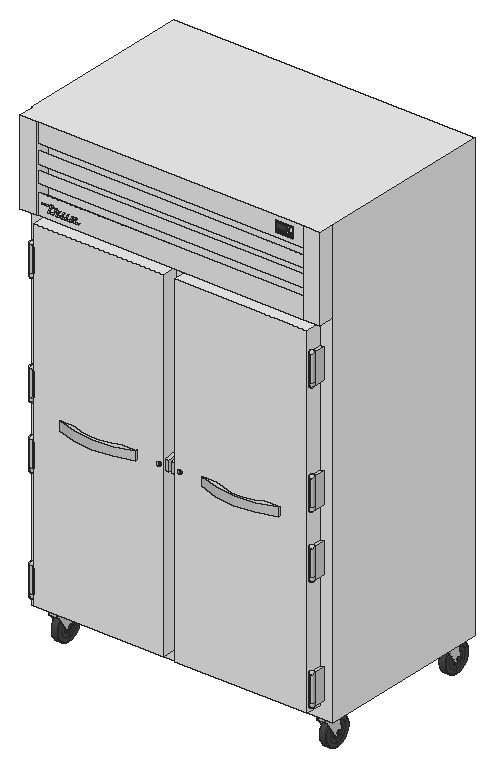
Revit family (continued)
Automatic sketch dimensions
  plane 9 to Extrusion 11 sketch curve = 4.18438"
  Extrusion 11 sketch curve to Extrusion 11 sketch curve = 2.4"  (x2)
  plane 8 to Extrusion 11 sketch curve = 12 31/64"
  Extrusion 11 sketch curve to Extrusion 11 sketch curve = 0"
  plane 5 "FRONT" to Extrusion 11 sketch curve = 0.2"
  Extrusion 11 sketch curve to plane 5 "FRONT" = 7.77899"
  Extrusion 11 sketch curve to Extrusion 11 sketch curve = 7.30945"
  plane 8 to Blend 12 sketch curve = 1 3/32"  (x2)
  plane 8 to Blend 12 sketch curve = 11/32"
  plane 7 to Blend 12 sketch curve = 31.11669"
  Blend 12 sketch curve to Blend 12 sketch curve = 1 3/4"
  plane 8 to Blend 12 sketch curve = 0.16152"
  plane 7 to Blend 12 sketch curve = 30.5191"
  Blend 12 sketch curve to Blend 12 sketch curve = 2.78233"
  Blend 13 sketch curve to plane 8 = 15/16"
  Blend 13 sketch curve to plane 8 = 3/16"
  plane 7 to Blend 13 sketch curve = 32.86669"
  Blend 13 sketch curve to Blend 13 sketch curve = 1 3/4"
  plane 8 to Blend 13 sketch curve = 15/16"
  plane 8 to Blend 13 sketch curve = 0.00527"
  Blend 13 sketch curve to plane 7 = 30.5191"
  Blend 13 sketch curve to Blend 13 sketch curve = 2.78233"
  Extrusion 14 sketch curve to plane 5 "FRONT" = 1/2"
  Extrusion 14 sketch curve to Extrusion 14 sketch curve = 0.43503"
  Extrusion 14 sketch curve to Extrusion 14 sketch curve = 0.20453"
  Extrusion 14 sketch curve to Extrusion 14 sketch curve = 1.61044"
  Extrusion 14 sketch curve to plane 6 "TOP" = 24.88873"
  Extrusion 14 sketch curve to Extrusion 14 sketch curve = 0.71221"
  Extrusion 14 sketch curve to Extrusion 14 sketch curve = 4.39928"
  Revolve 15 sketch curve to plane 5 "FRONT" = 0.07771"  (x2)
  Revolve 15 sketch curve to Revolve 15 sketch curve = 0.38242"
  Revolve 15 sketch curve to Revolve 15 sketch curve = 0.38436"
  Revolve 15 sketch curve to plane 5 "FRONT" = 31/64"
  Revolve 15 sketch curve to Revolve 15 sketch curve = 0.40666"
  Revolve 15 sketch curve to Revolve 15 sketch curve = 0"
  Revolve 15 sketch curve to plane 6 "TOP" = 25.07719"
  Revolve 15 sketch curve to Revolve 15 sketch curve = 0.32931"
  Revolve 15 sketch curve to Revolve 15 sketch curve = 0.51246"
  Revolve 15 sketch curve to Revolve 15 sketch curve = 0.05342"
  Revolve 15 sketch curve to Revolve 15 sketch curve = 4.42889"
  Revolve 15 sketch curve to Revolve 15 sketch curve = 0.04281"
  Revolve 15 sketch curve to Revolve 15 sketch curve = 0.18929"
  Revolve 15 sketch curve to Revolve 15 sketch curve = 0.55526"
  Extrusion 16 sketch curve to plane 9 = 0.96009"
  Extrusion 16 sketch curve to Extrusion 16 sketch curve = 0.39759"
  Extrusion 16 sketch curve to plane 6 "TOP" = 24.12421"
  Extrusion 16 sketch curve to Extrusion 16 sketch curve = 4.47281"
  Extrusion 17 sketch curve to plane 5 "FRONT" = 1/2"
  Extrusion 17 sketch curve to Extrusion 17 sketch curve = 0.43503"
  Extrusion 17 sketch curve to Extrusion 17 sketch curve = 0.20453"
  Extrusion 17 sketch curve to Extrusion 17 sketch curve = 1.61044"
  plane 7 to Extrusion 17 sketch curve = 33.61127"
  Extrusion 17 sketch curve to Extrusion 17 sketch curve = 0.71221"
  Extrusion 17 sketch curve to Extrusion 17 sketch curve = 4.39928"
  Revolve 18 sketch curve to plane 5 "FRONT" = 0.07771"  (x2)
  Revolve 18 sketch curve to Revolve 18 sketch curve = 0.38242"
  Revolve 18 sketch curve to Revolve 18 sketch curve = 0.38436"
  Revolve 18 sketch curve to plane 5 "FRONT" = 31/64"
  Revolve 18 sketch curve to Revolve 18 sketch curve = 0.40666"
  Revolve 18 sketch curve to Revolve 18 sketch curve = 0"
  plane 7 to Revolve 18 sketch curve = 33.42281"
  Revolve 18 sketch curve to Revolve 18 sketch curve = 0.32931"
  Revolve 18 sketch curve to Revolve 18 sketch curve = 0.51246"
  Revolve 18 sketch curve to Revolve 18 sketch curve = 0.05342"
  Revolve 18 sketch curve to Revolve 18 sketch curve = 4.42889"
  Revolve 18 sketch curve to Revolve 18 sketch curve = 0.04281"
  Revolve 18 sketch curve to Revolve 18 sketch curve = 0.18929"
  Revolve 18 sketch curve to Revolve 18 sketch curve = 0.55526"
  Extrusion 19 sketch curve to plane 9 = 0.96009"
  Extrusion 19 sketch curve to Extrusion 19 sketch curve = 0.39759"
  plane 7 to Extrusion 19 sketch curve = 34.37579"
  Extrusion 19 sketch curve to Extrusion 19 sketch curve = 4.47281"
  Extrusion 20 sketch curve to plane 5 "FRONT" = 1/2"
  Extrusion 20 sketch curve to Extrusion 20 sketch curve = 0.43503"
  Extrusion 20 sketch curve to Extrusion 20 sketch curve = 0.20453"
  Extrusion 20 sketch curve to Extrusion 20 sketch curve = 1.61044"
  plane 7 to Extrusion 20 sketch curve = 22.61127"
  Extrusion 20 sketch curve to Extrusion 20 sketch curve = 0.71221"
  Extrusion 20 sketch curve to Extrusion 20 sketch curve = 4.39928"
  Revolve 21 sketch curve to plane 5 "FRONT" = 0.07771"  (x2)
  Revolve 21 sketch curve to Revolve 21 sketch curve = 0.38242"
  Revolve 21 sketch curve to Revolve 21 sketch curve = 0.38436"
  Revolve 21 sketch curve to plane 5 "FRONT" = 31/64"
  Revolve 21 sketch curve to Revolve 21 sketch curve = 0.40666"
  Revolve 21 sketch curve to Revolve 21 sketch curve = 0"
  plane 7 to Revolve 21 sketch curve = 22.42281"
  Revolve 21 sketch curve to Revolve 21 sketch curve = 0.32931"
  Revolve 21 sketch curve to Revolve 21 sketch curve = 0.51246"
  Revolve 21 sketch curve to Revolve 21 sketch curve = 0.05342"
  Revolve 21 sketch curve to Revolve 21 sketch curve = 4.42889"
  Revolve 21 sketch curve to Revolve 21 sketch curve = 0.04281"
  Revolve 21 sketch curve to Revolve 21 sketch curve = 0.18929"
  Revolve 21 sketch curve to Revolve 21 sketch curve = 0.55526"
  Extrusion 22 sketch curve to plane 9 = 0.96009"
  Extrusion 22 sketch curve to Extrusion 22 sketch curve = 0.39759"
  plane 7 to Extrusion 22 sketch curve = 23.37579"
  Extrusion 22 sketch curve to Extrusion 22 sketch curve = 4.47281"
  Extrusion 23 sketch curve to plane 5 "FRONT" = 1/2"
  Extrusion 23 sketch curve to Extrusion 23 sketch curve = 0.43503"
  Extrusion 23 sketch curve to Extrusion 23 sketch curve = 0.20453"
  Extrusion 23 sketch curve to Extrusion 23 sketch curve = 1.61044"
  plane 7 to Extrusion 23 sketch curve = 2.86127"
  Extrusion 23 sketch curve to Extrusion 23 sketch curve = 0.71221"
  Extrusion 23 sketch curve to Extrusion 23 sketch curve = 4.39928"
  Revolve 24 sketch curve to plane 5 "FRONT" = 0.07771"  (x2)
  Revolve 24 sketch curve to Revolve 24 sketch curve = 0.38242"
  Revolve 24 sketch curve to Revolve 24 sketch curve = 0.38436"
  Revolve 24 sketch curve to plane 5 "FRONT" = 31/64"
  Revolve 24 sketch curve to Revolve 24 sketch curve = 0.40666"
  Revolve 24 sketch curve to Revolve 24 sketch curve = 0"
  plane 7 to Revolve 24 sketch curve = 2.67281"
  Revolve 24 sketch curve to Revolve 24 sketch curve = 0.32931"
  Revolve 24 sketch curve to Revolve 24 sketch curve = 0.51246"
  Revolve 24 sketch curve to Revolve 24 sketch curve = 0.05342"
  Revolve 24 sketch curve to Revolve 24 sketch curve = 4.42889"
  Revolve 24 sketch curve to Revolve 24 sketch curve = 0.04281"
  Revolve 24 sketch curve to Revolve 24 sketch curve = 0.18929"
  Revolve 24 sketch curve to Revolve 24 sketch curve = 0.55526"
  Extrusion 25 sketch curve to plane 9 = 0.96009"
  Extrusion 25 sketch curve to Extrusion 25 sketch curve = 0.39759"
  plane 7 to Extrusion 25 sketch curve = 3.62579"
  Extrusion 25 sketch curve to Extrusion 25 sketch curve = 4.47281"
  Extrusion 26 sketch curve to plane 5 "FRONT" = 1/2"
  Extrusion 26 sketch curve to Extrusion 26 sketch curve = 0.43503"
  Extrusion 26 sketch curve to Extrusion 26 sketch curve = 0.20453"
  Extrusion 26 sketch curve to Extrusion 26 sketch curve = 1.61044"
  Extrusion 26 sketch curve to plane 6 "TOP" = 19.57271"
  Extrusion 26 sketch curve to Extrusion 26 sketch curve = 4.39928"
  Extrusion 26 sketch curve to Extrusion 26 sketch curve = 0.71221"
  Revolve 27 sketch curve to plane 5 "FRONT" = 0.07771"  (x2)
  Revolve 27 sketch curve to Revolve 27 sketch curve = 0.38242"
  Revolve 27 sketch curve to Revolve 27 sketch curve = 0.38436"
  Revolve 27 sketch curve to plane 5 "FRONT" = 31/64"
  Revolve 27 sketch curve to Revolve 27 sketch curve = 0.40666"
  Revolve 27 sketch curve to Revolve 27 sketch curve = 0"
  Revolve 27 sketch curve to plane 6 "TOP" = 18.75492"
  Revolve 27 sketch curve to Revolve 27 sketch curve = 0.55526"
  Revolve 27 sketch curve to Revolve 27 sketch curve = 0.19474"
  Revolve 27 sketch curve to Revolve 27 sketch curve = 0.14649"
  Revolve 27 sketch curve to Revolve 27 sketch curve = 4.42889"
  Revolve 27 sketch curve to Revolve 27 sketch curve = 0.05342"
  Revolve 27 sketch curve to Revolve 27 sketch curve = 0.51246"
  Revolve 27 sketch curve to Revolve 27 sketch curve = 0.05889"
  plane 10 to Extrusion 28 sketch curve = 0.80384"
  Extrusion 28 sketch curve to Extrusion 28 sketch curve = 0.39759"
  Extrusion 28 sketch curve to plane 6 "TOP" = 19.6514"
  Extrusion 28 sketch curve to Extrusion 28 sketch curve = 4.47281"
  Extrusion 29 sketch curve to plane 5 "FRONT" = 1/2"
  Extrusion 29 sketch curve to Extrusion 29 sketch curve = 0.43503"
  Extrusion 29 sketch curve to Extrusion 29 sketch curve = 0.20453"
  Extrusion 29 sketch curve to Extrusion 29 sketch curve = 1.61044"
  plane 7 to Extrusion 29 sketch curve = 38.92729"
  Extrusion 29 sketch curve to Extrusion 29 sketch curve = 4.39928"
  Extrusion 29 sketch curve to Extrusion 29 sketch curve = 0.71221"
  Revolve 30 sketch curve to plane 5 "FRONT" = 0.07771"  (x2)
  Revolve 30 sketch curve to Revolve 30 sketch curve = 0.38242"
  Revolve 30 sketch curve to Revolve 30 sketch curve = 0.38436"
  Revolve 30 sketch curve to plane 5 "FRONT" = 31/64"
  Revolve 30 sketch curve to Revolve 30 sketch curve = 0.40666"
  Revolve 30 sketch curve to Revolve 30 sketch curve = 0"
  Revolve 30 sketch curve to plane 6 "TOP" = 38.25492"
  Revolve 30 sketch curve to Revolve 30 sketch curve = 0.55526"
  Revolve 30 sketch curve to Revolve 30 sketch curve = 0.19474"
  Revolve 30 sketch curve to Revolve 30 sketch curve = 0.14649"
  Revolve 30 sketch curve to Revolve 30 sketch curve = 4.42889"
  Revolve 30 sketch curve to Revolve 30 sketch curve = 0.05342"
  Revolve 30 sketch curve to Revolve 30 sketch curve = 0.51246"
  Revolve 30 sketch curve to Revolve 30 sketch curve = 0.05889"
  plane 10 to Extrusion 31 sketch curve = 0.80384"
  Extrusion 31 sketch curve to Extrusion 31 sketch curve = 0.39759"
  plane 7 to Extrusion 31 sketch curve = 38.8486"
  Extrusion 31 sketch curve to Extrusion 31 sketch curve = 4.47281"
  Extrusion 32 sketch curve to plane 5 "FRONT" = 1/2"
  Extrusion 32 sketch curve to Extrusion 32 sketch curve = 0.43503"
  Extrusion 32 sketch curve to Extrusion 32 sketch curve = 0.20453"
  Extrusion 32 sketch curve to Extrusion 32 sketch curve = 1.61044"
  plane 7 to Extrusion 32 sketch curve = 27.92729"
  Extrusion 32 sketch curve to Extrusion 32 sketch curve = 4.39928"
  Extrusion 32 sketch curve to Extrusion 32 sketch curve = 0.71221"
  Revolve 33 sketch curve to plane 5 "FRONT" = 0.07771"  (x2)
  Revolve 33 sketch curve to Revolve 33 sketch curve = 0.38242"
  Revolve 33 sketch curve to Revolve 33 sketch curve = 0.38436"
  Revolve 33 sketch curve to plane 5 "FRONT" = 31/64"
  Revolve 33 sketch curve to Revolve 33 sketch curve = 0.40666"
  Revolve 33 sketch curve to Revolve 33 sketch curve = 0"
  plane 7 to Revolve 33 sketch curve = 28.74508"
  Revolve 33 sketch curve to Revolve 33 sketch curve = 0.55526"
  Revolve 33 sketch curve to Revolve 33 sketch curve = 0.19474"
  Revolve 33 sketch curve to Revolve 33 sketch curve = 0.14649"
  Revolve 33 sketch curve to Revolve 33 sketch curve = 4.42889"
  Revolve 33 sketch curve to Revolve 33 sketch curve = 0.05342"
  Revolve 33 sketch curve to Revolve 33 sketch curve = 0.51246"
  Revolve 33 sketch curve to Revolve 33 sketch curve = 0.05889"
  plane 10 to Extrusion 34 sketch curve = 0.80384"
  Extrusion 34 sketch curve to Extrusion 34 sketch curve = 0.39759"
  plane 7 to Extrusion 34 sketch curve = 27.8486"
  Extrusion 34 sketch curve to Extrusion 34 sketch curve = 4.47281"
  Extrusion 35 sketch curve to plane 5 "FRONT" = 1/2"
  Extrusion 35 sketch curve to Extrusion 35 sketch curve = 0.43503"
  Extrusion 35 sketch curve to Extrusion 35 sketch curve = 0.20453"
  Extrusion 35 sketch curve to Extrusion 35 sketch curve = 1.61044"
  plane 7 to Extrusion 35 sketch curve = 8.17729"
  plane 7 to Extrusion 35 sketch curve = 3.57348"
  Extrusion 35 sketch curve to Extrusion 35 sketch curve = 0.71221"
  Revolve 36 sketch curve to plane 5 "FRONT" = 0.07771"  (x2)
  Revolve 36 sketch curve to Revolve 36 sketch curve = 0.38242"
  Revolve 36 sketch curve to Revolve 36 sketch curve = 0.38436"
  Revolve 36 sketch curve to plane 5 "FRONT" = 31/64"
  Revolve 36 sketch curve to Revolve 36 sketch curve = 0.40666"
  Revolve 36 sketch curve to Revolve 36 sketch curve = 0"
  plane 7 to Revolve 36 sketch curve = 8.99508"
  Revolve 36 sketch curve to Revolve 36 sketch curve = 0.55526"
  Revolve 36 sketch curve to Revolve 36 sketch curve = 0.19474"
  Revolve 36 sketch curve to Revolve 36 sketch curve = 0.14649"
  plane 7 to Revolve 36 sketch curve = 3.62689"
  Revolve 36 sketch curve to Revolve 36 sketch curve = 0.05342"
  Revolve 36 sketch curve to Revolve 36 sketch curve = 0.51246"
  Revolve 36 sketch curve to Revolve 36 sketch curve = 0.05889"
  plane 10 to Extrusion 37 sketch curve = 0.80384"
  Extrusion 37 sketch curve to Extrusion 37 sketch curve = 0.39759"
  plane 7 to Extrusion 37 sketch curve = 8.0986"
  plane 7 to Extrusion 37 sketch curve = 3.62579"
  Revolve 38 sketch curve to plane 10 = 1.50773"
  Revolve 38 sketch curve to Revolve 38 sketch curve = 0.48273"
  Revolve 38 sketch curve to plane 10 = 5/8"  (x2)
  Revolve 38 sketch curve to Revolve 38 sketch curve = 0.1"  (x2)
  Revolve 38 sketch curve to Revolve 38 sketch curve = 0.16101"
  plane 10 to Revolve 38 sketch curve = 0.12908"
  plane 10 to Revolve 38 sketch curve = 0.46399"
  plane 10 to Revolve 38 sketch curve = 0.525"
  Revolve 38 sketch curve to Revolve 38 sketch curve = 1/2"
  Revolve 38 sketch curve to Revolve 38 sketch curve = 0.16509"
  Revolve 38 sketch curve to Revolve 38 sketch curve = 0.39592"
  level to Revolve 38 sketch curve = 2 1/2"
  Revolve 38 sketch curve to Revolve 38 sketch curve = 0"
  Revolve 38 sketch curve to Revolve 38 sketch curve = 0.29941"  (x2)
  Revolve 38 sketch curve to Revolve 38 sketch curve = 3/4"  (x4)
  Revolve 38 sketch curve to Revolve 38 sketch curve = 0.59652"
  Revolve 38 sketch curve to Revolve 38 sketch curve = 0.60059"
  Extrusion 39 sketch curve to plane 7 = 0.63926"  (x2)
  Extrusion 39 sketch curve to plane 5 "FRONT" = 3.79864"
  Extrusion 39 sketch curve to Extrusion 39 sketch curve = 1/4"  (x2)
  level to Extrusion 39 sketch curve = 2.18736"  (x2)
  Extrusion 39 sketch curve to Extrusion 39 sketch curve = 1.7492"
  Extrusion 39 sketch curve to Extrusion 39 sketch curve = 0.50669"  (x2)
  Extrusion 39 sketch curve to Extrusion 39 sketch curve = 2 1/2"
  level to Extrusion 39 sketch curve = 2.59003"
  Extrusion 39 sketch curve to Extrusion 39 sketch curve = 0.59966"  (x2)
  plane 1 "BACK" to Extrusion 39 sketch curve = 3.8577"
  plane 1 "BACK" to Extrusion 39 sketch curve = 1.8585"
  plane 1 "BACK" to Extrusion 39 sketch curve = 1.1077"
  Extrusion 39 sketch curve to Extrusion 39 sketch curve = 0.32905"
  Extrusion 39 sketch curve to Extrusion 39 sketch curve = 0.60485"  (x2)
  Extrusion 40 sketch curve to plane 7 = 0.63926"  (x2)
  Extrusion 40 sketch curve to plane 5 "FRONT" = 3.79864"
  Extrusion 40 sketch curve to Extrusion 40 sketch curve = 1/4"  (x2)
  level to Extrusion 40 sketch curve = 2.18736"  (x2)
  Extrusion 40 sketch curve to Extrusion 40 sketch curve = 1.7492"
  Extrusion 40 sketch curve to Extrusion 40 sketch curve = 0.50669"  (x2)
  Extrusion 40 sketch curve to Extrusion 40 sketch curve = 2 1/2"
  level to Extrusion 40 sketch curve = 2.59003"
  Extrusion 40 sketch curve to Extrusion 40 sketch curve = 0.59966"  (x2)
  plane 1 "BACK" to Extrusion 40 sketch curve = 3.8577"
  plane 1 "BACK" to Extrusion 40 sketch curve = 1.8585"
  plane 1 "BACK" to Extrusion 40 sketch curve = 1.1077"
  Extrusion 40 sketch curve to Extrusion 40 sketch curve = 0.32905"
  Extrusion 40 sketch curve to Extrusion 40 sketch curve = 0.60485"  (x2)
  Revolve 41 sketch curve to plane 10 = 0"  (x2)
  Revolve 41 sketch curve to plane 7 = 0.62954"
  Revolve 41 sketch curve to plane 10 = 1.29707"
  Revolve 41 sketch curve to Revolve 41 sketch curve = 0.10278"
  Revolve 41 sketch curve to plane 7 = 0.00141"
  plane 7 to Revolve 41 sketch curve = 0.26768"
  Revolve 42 sketch curve to level = 0"
  Revolve 42 sketch curve to plane 10 = 0"  (x2)
  Revolve 42 sketch curve to plane 10 = 1/2"
  Revolve 42 sketch curve to Revolve 42 sketch curve = 1/4"
  Revolve 42 sketch curve to plane 7 = 0"
  Revolve 42 sketch curve to Revolve 42 sketch curve = 1.33338"
  level to Revolve 42 sketch curve = 1"
  Revolve 42 sketch curve to Revolve 42 sketch curve = 5/8"
  plane 7 to Revolve 42 sketch curve = 1 25/32"
  Revolve 43 sketch curve to level = 0"
  Revolve 43 sketch curve to plane 10 = 0"  (x2)
  Revolve 43 sketch curve to plane 10 = 1/2"
  Revolve 43 sketch curve to Revolve 43 sketch curve = 1/4"
  Revolve 43 sketch curve to plane 7 = 0"
  Revolve 43 sketch curve to Revolve 43 sketch curve = 1.33338"
  level to Revolve 43 sketch curve = 1"
  Revolve 43 sketch curve to Revolve 43 sketch curve = 5/8"
  plane 7 to Revolve 43 sketch curve = 1 25/32"
  Revolve 44 sketch curve to plane 10 = 0"  (x2)
  Revolve 44 sketch curve to plane 7 = 0.62954"
  Revolve 44 sketch curve to plane 10 = 1.29707"
  Revolve 44 sketch curve to Revolve 44 sketch curve = 0.10278"
  Revolve 44 sketch curve to plane 7 = 0.00141"
  plane 7 to Revolve 44 sketch curve = 0.26768"
  Extrusion 45 sketch curve to plane 7 = 0.63926"  (x2)
  Extrusion 45 sketch curve to plane 5 "FRONT" = 3.79864"
  Extrusion 45 sketch curve to Extrusion 45 sketch curve = 1/4"  (x2)
  Extrusion 45 sketch curve to Extrusion 45 sketch curve = 2 1/2"
  Extrusion 45 sketch curve to plane 7 = 0.93273"  (x2)
  Extrusion 45 sketch curve to Extrusion 45 sketch curve = 0.03603"
  plane 1 "BACK" to Extrusion 45 sketch curve = 3.8577"
  Extrusion 45 sketch curve to plane 7 = 1.24411"
  plane 1 "BACK" to Extrusion 45 sketch curve = 1.1077"
  Revolve 46 sketch curve to plane 10 = 1.50773"
  Revolve 46 sketch curve to Revolve 46 sketch curve = 0.48273"
  Revolve 46 sketch curve to plane 10 = 5/8"  (x2)
  Revolve 46 sketch curve to Revolve 46 sketch curve = 0.1"  (x2)
  Revolve 46 sketch curve to Revolve 46 sketch curve = 0.16101"
  plane 10 to Revolve 46 sketch curve = 0.12908"
  plane 10 to Revolve 46 sketch curve = 0.46399"
  plane 10 to Revolve 46 sketch curve = 0.525"
  Revolve 46 sketch curve to Revolve 46 sketch curve = 1/2"
  Revolve 46 sketch curve to Revolve 46 sketch curve = 0.16509"
  Revolve 46 sketch curve to Revolve 46 sketch curve = 0.39592"
  level to Revolve 46 sketch curve = 2 1/2"
  Revolve 46 sketch curve to Revolve 46 sketch curve = 0"
  Revolve 46 sketch curve to Revolve 46 sketch curve = 0.29941"  (x2)
  Revolve 46 sketch curve to Revolve 46 sketch curve = 3/4"  (x4)
  Revolve 46 sketch curve to Revolve 46 sketch curve = 0.59652"
  Revolve 46 sketch curve to Revolve 46 sketch curve = 0.60059"
  plane 3 "LEFT" to Revolve 47 sketch curve = 1.33602"
  Revolve 47 sketch curve to Revolve 47 sketch curve = 0.48273"
  Revolve 47 sketch curve to plane 9 = 5/8"  (x2)
  Revolve 47 sketch curve to Revolve 47 sketch curve = 0.1"  (x2)
  Revolve 47 sketch curve to Revolve 47 sketch curve = 0.16101"
  plane 9 to Revolve 47 sketch curve = 0.12908"
  plane 9 to Revolve 47 sketch curve = 0.46399"
  plane 9 to Revolve 47 sketch curve = 0.525"
  Revolve 47 sketch curve to Revolve 47 sketch curve = 1/2"
  Revolve 47 sketch curve to Revolve 47 sketch curve = 0.16509"
  Revolve 47 sketch curve to Revolve 47 sketch curve = 0.39592"
  level to Revolve 47 sketch curve = 2 1/2"
  Revolve 47 sketch curve to Revolve 47 sketch curve = 0"
  Revolve 47 sketch curve to Revolve 47 sketch curve = 0.29941"  (x2)
  Revolve 47 sketch curve to Revolve 47 sketch curve = 3/4"  (x4)
  Revolve 47 sketch curve to Revolve 47 sketch curve = 0.59652"
  Revolve 47 sketch curve to Revolve 47 sketch curve = 0.60059"
  Extrusion 48 sketch curve to plane 7 = 0.63926"  (x2)
  Extrusion 48 sketch curve to plane 5 "FRONT" = 3.79864"
  Extrusion 48 sketch curve to Extrusion 48 sketch curve = 1/4"  (x2)
  level to Extrusion 48 sketch curve = 2.18736"  (x2)
  Extrusion 48 sketch curve to Extrusion 48 sketch curve = 1.7492"
  Extrusion 48 sketch curve to Extrusion 48 sketch curve = 0.50669"  (x2)
  Extrusion 48 sketch curve to Extrusion 48 sketch curve = 2 1/2"
  level to Extrusion 48 sketch curve = 2.59003"
  Extrusion 48 sketch curve to Extrusion 48 sketch curve = 0.59966"  (x2)
  plane 1 "BACK" to Extrusion 48 sketch curve = 3.8577"
  plane 1 "BACK" to Extrusion 48 sketch curve = 1.8585"
  plane 1 "BACK" to Extrusion 48 sketch curve = 1.1077"
  Extrusion 48 sketch curve to Extrusion 48 sketch curve = 0.32905"
  Extrusion 48 sketch curve to Extrusion 48 sketch curve = 0.60485"  (x2)
  Extrusion 49 sketch curve to plane 7 = 0.63926"  (x2)
  Extrusion 49 sketch curve to plane 5 "FRONT" = 3.79864"
  Extrusion 49 sketch curve to Extrusion 49 sketch curve = 1/4"  (x2)
  level to Extrusion 49 sketch curve = 2.18736"  (x2)
  Extrusion 49 sketch curve to Extrusion 49 sketch curve = 1.7492"
  Extrusion 49 sketch curve to Extrusion 49 sketch curve = 0.50669"  (x2)
  Extrusion 49 sketch curve to Extrusion 49 sketch curve = 2 1/2"
  level to Extrusion 49 sketch curve = 2.59003"
  Extrusion 49 sketch curve to Extrusion 49 sketch curve = 0.59966"  (x2)
  plane 1 "BACK" to Extrusion 49 sketch curve = 3.8577"
  plane 1 "BACK" to Extrusion 49 sketch curve = 1.8585"
  plane 1 "BACK" to Extrusion 49 sketch curve = 1.1077"
  Extrusion 49 sketch curve to Extrusion 49 sketch curve = 0.32905"
  Extrusion 49 sketch curve to Extrusion 49 sketch curve = 0.60485"  (x2)
  Revolve 50 sketch curve to plane 9 = 0"  (x2)
  Revolve 50 sketch curve to plane 7 = 0.62954"
  Revolve 50 sketch curve to plane 9 = 1.29707"
  Revolve 50 sketch curve to Revolve 50 sketch curve = 0.10278"
  Revolve 50 sketch curve to plane 7 = 0.00141"
  plane 7 to Revolve 50 sketch curve = 0.26768"
  Revolve 51 sketch curve to level = 0"
  Revolve 51 sketch curve to plane 9 = 0"  (x2)
  Revolve 51 sketch curve to plane 9 = 1/2"
  Revolve 51 sketch curve to Revolve 51 sketch curve = 1/4"
  Revolve 51 sketch curve to plane 7 = 0"
  Revolve 51 sketch curve to plane 9 = 1.33338"
  level to Revolve 51 sketch curve = 1"
  Revolve 51 sketch curve to Revolve 51 sketch curve = 5/8"
  plane 7 to Revolve 51 sketch curve = 1 25/32"
  Revolve 52 sketch curve to level = 0"
  Revolve 52 sketch curve to plane 9 = 0"  (x2)
  Revolve 52 sketch curve to plane 9 = 1/2"
  Revolve 52 sketch curve to Revolve 52 sketch curve = 1/4"
  Revolve 52 sketch curve to plane 7 = 0"
  Revolve 52 sketch curve to plane 9 = 1.33338"
  level to Revolve 52 sketch curve = 1"
  Revolve 52 sketch curve to Revolve 52 sketch curve = 5/8"
  plane 7 to Revolve 52 sketch curve = 1 25/32"
  Revolve 53 sketch curve to plane 9 = 0"  (x2)
  Revolve 53 sketch curve to plane 7 = 0.62954"
  Revolve 53 sketch curve to plane 9 = 1.29707"
  Revolve 53 sketch curve to Revolve 53 sketch curve = 0.10278"
  Revolve 53 sketch curve to plane 7 = 0.00141"
  plane 7 to Revolve 53 sketch curve = 0.26768"
  Extrusion 54 sketch curve to plane 7 = 0.63926"  (x2)
  Extrusion 54 sketch curve to plane 5 "FRONT" = 3.79864"
  Extrusion 54 sketch curve to Extrusion 54 sketch curve = 1/4"  (x2)
  Extrusion 54 sketch curve to Extrusion 54 sketch curve = 2 1/2"
  Extrusion 54 sketch curve to plane 7 = 0.93273"  (x2)
  Extrusion 54 sketch curve to Extrusion 54 sketch curve = 0.03603"
  plane 1 "BACK" to Extrusion 54 sketch curve = 3.8577"
  Extrusion 54 sketch curve to plane 7 = 1.24411"
  plane 1 "BACK" to Extrusion 54 sketch curve = 1.1077"
  plane 3 "LEFT" to Revolve 55 sketch curve = 1.33602"
  Revolve 55 sketch curve to Revolve 55 sketch curve = 0.48273"
  Revolve 55 sketch curve to plane 9 = 5/8"  (x2)
  Revolve 55 sketch curve to Revolve 55 sketch curve = 0.1"  (x2)
  Revolve 55 sketch curve to Revolve 55 sketch curve = 0.16101"
  plane 9 to Revolve 55 sketch curve = 0.12908"
  plane 9 to Revolve 55 sketch curve = 0.46399"
  plane 9 to Revolve 55 sketch curve = 0.525"
  Revolve 55 sketch curve to Revolve 55 sketch curve = 1/2"
  Revolve 55 sketch curve to Revolve 55 sketch curve = 0.16509"
  Revolve 55 sketch curve to Revolve 55 sketch curve = 0.39592"
  level to Revolve 55 sketch curve = 2 1/2"
  Revolve 55 sketch curve to Revolve 55 sketch curve = 0"
  Revolve 55 sketch curve to Revolve 55 sketch curve = 0.29941"  (x2)
  Revolve 55 sketch curve to Revolve 55 sketch curve = 3/4"  (x4)
  Revolve 55 sketch curve to Revolve 55 sketch curve = 0.59652"
  Revolve 55 sketch curve to Revolve 55 sketch curve = 0.60059"
  Extrusion 56 sketch curve to plane 6 "TOP" = 2.55982"
  Extrusion 56 sketch curve to plane 10 = 5.12093"
  Extrusion 56 sketch curve to plane 10 = 2.21468"
  Extrusion 56 sketch curve to plane 6 "TOP" = 13/16"
  Extrusion 57 sketch curve to plane 6 "TOP" = 3/4"
  Extrusion 57 sketch curve to plane 10 = 5.18343"
  Extrusion 57 sketch curve to Extrusion 57 sketch curve = 1/16"  (x4)
  Extrusion 57 sketch curve to Extrusion 57 sketch curve = 0.1375"  (x2)
  Extrusion 57 sketch curve to Extrusion 57 sketch curve = 1/4"  (x4)
  Extrusion 57 sketch curve to Extrusion 57 sketch curve = 0.44601"
  Extrusion 57 sketch curve to Extrusion 57 sketch curve = 1/2"  (x2)
  Extrusion 57 sketch curve to Extrusion 57 sketch curve = 0.0035"
  Extrusion 57 sketch curve to Extrusion 57 sketch curve = 1.06923"
  Extrusion 57 sketch curve to plane 6 "TOP" = 0.95"
  Extrusion 57 sketch curve to Extrusion 57 sketch curve = 1"
  Extrusion 57 sketch curve to Extrusion 57 sketch curve = 0.34106"  (x3)
  Extrusion 57 sketch curve to Extrusion 57 sketch curve = 0"
  Extrusion 57 sketch curve to Extrusion 57 sketch curve = 0.26876"
  plane 5 "FRONT" to Extrusion 58 sketch curve = 0"  (x2)
  plane 10 to Extrusion 58 sketch curve = 13/32"
  Extrusion 58 sketch curve to plane 8 = 15/16"
  plane 8 to Extrusion 58 sketch curve = 1 3/32"
  Extrusion 58 sketch curve to plane 9 = 9/16"
  Extrusion 59 sketch curve to plane 9 = 0"
  Extrusion 59 sketch curve to plane 5 "FRONT" = 5.09023"
  Extrusion 60 sketch curve to plane 9 = 0"
  plane 1 "BACK" to Extrusion 60 sketch curve = 2.69102"
  Extrusion 61 sketch curve to plane 10 = 0"
  plane 1 "BACK" to Extrusion 61 sketch curve = 2.69102"
  Extrusion 62 sketch curve to plane 10 = 0"
  Extrusion 62 sketch curve to plane 5 "FRONT" = 5.09023"
  radius of Extrusion 8 sketch curve = 0.35"  (x2)
  radius of Extrusion 10 sketch curve = 1/4"
  radius of Extrusion 59 sketch curve = 1 1/2"
  radius of Extrusion 60 sketch curve = 1 1/2"
  radius of Extrusion 61 sketch curve = 1 1/2"
  radius of Extrusion 62 sketch curve = 1 1/2"
Connectors (in)
  electrical at (49.53125, -0.0625, 82), driven by "Volts", driven by "Watts"
    settings: on Extrusion 10, index 1, voltage 115 V, apparent load 1334 VA, apparent load phase1 0 VA, apparent load phase2 0 VA, apparent load phase3 0 VA, power factor 1, load classification "Other", number of poles 1, system type 30, power factor state 1, is connector primary yes, connector utility no, sub classification motor no, connector description "Electrical Connection"
